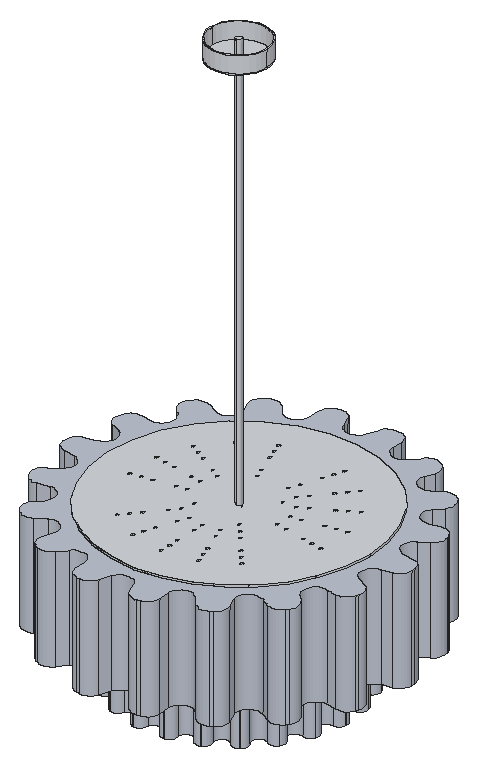
Revit family "ACU-Medium Opera Chandelier", category Lighting Fixtures, host Ceiling, Revit 2021 (continued)
Automatic sketch dimensions
  Extrusion 1 sketch curve to Extrusion 1 sketch curve = 9.482 mm
  Extrusion 1 sketch curve to Extrusion 1 sketch curve = 8.219 mm
  Extrusion 1 sketch curve to Extrusion 1 sketch curve = 6.933 mm
  Extrusion 1 sketch curve to Extrusion 1 sketch curve = 5.373 mm
  Extrusion 1 sketch curve to Extrusion 1 sketch curve = 3.869 mm
  Extrusion 1 sketch curve to Extrusion 1 sketch curve = 2.129 mm
  Extrusion 2 sketch curve to Extrusion 2 sketch curve = 0 mm  (x2)
  plane 1 "Light Source Axis (F/B)" to Extrusion 2 sketch curve = 12.574 mm
  plane 3 "Light Source Axis (L/R)" to Extrusion 2 sketch curve = 199.155 mm
  plane 1 "Light Source Axis (F/B)" to Extrusion 2 sketch curve = 13.547 mm
  Extrusion 2 sketch curve to Extrusion 2 sketch curve = 0.062 mm
  Extrusion 2 sketch curve to plane 1 "Light Source Axis (F/B)" = 40.655 mm
  Extrusion 2 sketch curve to Extrusion 2 sketch curve = 3.801 mm
  Extrusion 2 sketch curve to plane 1 "Light Source Axis (F/B)" = 41.609 mm
  Extrusion 2 sketch curve to Extrusion 2 sketch curve = 0.202 mm
  plane 1 "Light Source Axis (F/B)" to Extrusion 2 sketch curve = 65.827 mm
  Extrusion 2 sketch curve to Extrusion 2 sketch curve = 10.701 mm
  plane 1 "Light Source Axis (F/B)" to Extrusion 2 sketch curve = 66.747 mm
  Extrusion 2 sketch curve to Extrusion 2 sketch curve = 0.322 mm
  Extrusion 2 sketch curve to Extrusion 2 sketch curve = 12.463 mm
  Extrusion 2 sketch curve to Extrusion 2 sketch curve = 0.07 mm
  Extrusion 2 sketch curve to Extrusion 2 sketch curve = 0.123 mm
  Extrusion 2 sketch curve to Extrusion 2 sketch curve = 3.351 mm
  Extrusion 2 sketch curve to Extrusion 2 sketch curve = 12.237 mm
  Extrusion 2 sketch curve to Extrusion 2 sketch curve = 0.225 mm
  Extrusion 2 sketch curve to plane 1 "Light Source Axis (F/B)" = 91.838 mm
  Extrusion 2 sketch curve to Extrusion 2 sketch curve = 5.762 mm
  Extrusion 2 sketch curve to Extrusion 2 sketch curve = 0.452 mm
  Extrusion 2 sketch curve to Extrusion 2 sketch curve = 11.743 mm
  Extrusion 2 sketch curve to Extrusion 2 sketch curve = 0.36 mm
  Extrusion 2 sketch curve to Extrusion 2 sketch curve = 6.858 mm
  Extrusion 2 sketch curve to Extrusion 2 sketch curve = 9.906 mm
  Extrusion 2 sketch curve to Extrusion 2 sketch curve = 11.095 mm
  Extrusion 2 sketch curve to Extrusion 2 sketch curve = 0.503 mm  (x2)
  Extrusion 2 sketch curve to Extrusion 2 sketch curve = 2.723 mm
  Extrusion 2 sketch curve to Extrusion 2 sketch curve = 0.559 mm
  Extrusion 2 sketch curve to Extrusion 2 sketch curve = 10.151 mm
  Extrusion 2 sketch curve to Extrusion 2 sketch curve = 0.624 mm
  Extrusion 2 sketch curve to Extrusion 2 sketch curve = 13.085 mm
  Extrusion 2 sketch curve to Extrusion 2 sketch curve = 6.674 mm
  Extrusion 2 sketch curve to Extrusion 2 sketch curve = 0.669 mm
  Extrusion 2 sketch curve to Extrusion 2 sketch curve = 15.725 mm
  Extrusion 2 sketch curve to Extrusion 2 sketch curve = 9.131 mm
  Extrusion 2 sketch curve to Extrusion 2 sketch curve = 0.745 mm
  Extrusion 2 sketch curve to Extrusion 2 sketch curve = 10.365 mm
  Extrusion 2 sketch curve to Extrusion 2 sketch curve = 0.754 mm
  Extrusion 2 sketch curve to Extrusion 2 sketch curve = 7.807 mm
  Extrusion 2 sketch curve to Extrusion 2 sketch curve = 0.841 mm
  Extrusion 2 sketch curve to Extrusion 2 sketch curve = 18.341 mm
  Extrusion 2 sketch curve to Extrusion 2 sketch curve = 13.949 mm
  Extrusion 2 sketch curve to Extrusion 2 sketch curve = 0.835 mm
  Extrusion 2 sketch curve to Extrusion 2 sketch curve = 20.379 mm
  Extrusion 2 sketch curve to Extrusion 2 sketch curve = 6.489 mm
  Extrusion 2 sketch curve to Extrusion 2 sketch curve = 0.931 mm
  Extrusion 2 sketch curve to Extrusion 2 sketch curve = 17.239 mm
  Extrusion 2 sketch curve to Extrusion 2 sketch curve = 0.893 mm
  Extrusion 2 sketch curve to Extrusion 2 sketch curve = 4.884 mm
  Extrusion 2 sketch curve to Extrusion 2 sketch curve = 0.995 mm
  Extrusion 2 sketch curve to Extrusion 2 sketch curve = 22.236 mm
  Extrusion 2 sketch curve to Extrusion 2 sketch curve = 20.19 mm
  Extrusion 2 sketch curve to Extrusion 2 sketch curve = 0.94 mm
  Extrusion 2 sketch curve to Extrusion 2 sketch curve = 23.521 mm
  Extrusion 2 sketch curve to Extrusion 2 sketch curve = 3.366 mm
  Extrusion 2 sketch curve to Extrusion 2 sketch curve = 1.048 mm
  plane 3 "Light Source Axis (L/R)" to Extrusion 2 sketch curve = 28.294 mm
  Extrusion 2 sketch curve to Extrusion 2 sketch curve = 0.965 mm
  Extrusion 2 sketch curve to Extrusion 2 sketch curve = 1.598 mm
  Extrusion 2 sketch curve to Extrusion 2 sketch curve = 1.076 mm
  plane 3 "Light Source Axis (L/R)" to Extrusion 2 sketch curve = 24.867 mm
  plane 3 "Light Source Axis (L/R)" to Extrusion 2 sketch curve = 0.701 mm
  plane 3 "Light Source Axis (L/R)" to Extrusion 2 sketch curve = 0.049 mm
  Extrusion 2 sketch curve to plane 3 "Light Source Axis (L/R)" = 0.059 mm
  Extrusion 2 sketch curve to plane 3 "Light Source Axis (L/R)" = 0.066 mm
  Extrusion 2 sketch curve to Extrusion 2 sketch curve = 0.975 mm
  Extrusion 2 sketch curve to Extrusion 2 sketch curve = 1.087 mm
  Extrusion 2 sketch curve to plane 3 "Light Source Axis (L/R)" = 24.23 mm
  Extrusion 2 sketch curve to Extrusion 2 sketch curve = 1.077 mm
  Extrusion 2 sketch curve to Extrusion 2 sketch curve = 1.806 mm
  Extrusion 2 sketch curve to Extrusion 2 sketch curve = 24.914 mm
  Extrusion 2 sketch curve to Extrusion 2 sketch curve = 0.966 mm
  Extrusion 2 sketch curve to Extrusion 2 sketch curve = 24.468 mm
  Extrusion 2 sketch curve to Extrusion 2 sketch curve = 24.448 mm
  Extrusion 2 sketch curve to Extrusion 2 sketch curve = 1.046 mm
  Extrusion 2 sketch curve to Extrusion 2 sketch curve = 3.379 mm
  Extrusion 2 sketch curve to Extrusion 2 sketch curve = 0.938 mm
  Extrusion 2 sketch curve to Extrusion 2 sketch curve = 23.579 mm
  Extrusion 2 sketch curve to Extrusion 2 sketch curve = 0.998 mm
  Extrusion 2 sketch curve to Extrusion 2 sketch curve = 23.497 mm
  Extrusion 2 sketch curve to Extrusion 2 sketch curve = 5.076 mm
  Extrusion 2 sketch curve to Extrusion 2 sketch curve = 0.896 mm
  Extrusion 2 sketch curve to Extrusion 2 sketch curve = 22.203 mm
  Extrusion 2 sketch curve to Extrusion 2 sketch curve = 22.156 mm
  Extrusion 2 sketch curve to Extrusion 2 sketch curve = 0.927 mm
  Extrusion 2 sketch curve to Extrusion 2 sketch curve = 6.501 mm
  Extrusion 2 sketch curve to Extrusion 2 sketch curve = 0.831 mm
  Extrusion 2 sketch curve to Extrusion 2 sketch curve = 20.479 mm
  Extrusion 2 sketch curve to Extrusion 2 sketch curve = 0.846 mm
  Extrusion 2 sketch curve to Extrusion 2 sketch curve = 20.337 mm
  Extrusion 2 sketch curve to Extrusion 2 sketch curve = 7.97 mm
  Extrusion 2 sketch curve to Extrusion 2 sketch curve = 0.759 mm
  Extrusion 2 sketch curve to Extrusion 2 sketch curve = 18.291 mm
  Extrusion 2 sketch curve to Extrusion 2 sketch curve = 18.222 mm
  Extrusion 2 sketch curve to Extrusion 2 sketch curve = 0.739 mm
  Extrusion 2 sketch curve to Extrusion 2 sketch curve = 9.14 mm
  Extrusion 2 sketch curve to Extrusion 2 sketch curve = 0.662 mm
  Extrusion 2 sketch curve to Extrusion 2 sketch curve = 15.86 mm
  Extrusion 2 sketch curve to Extrusion 2 sketch curve = 0.63 mm
  Extrusion 2 sketch curve to Extrusion 2 sketch curve = 15.669 mm
  Extrusion 2 sketch curve to Extrusion 2 sketch curve = 10.272 mm
  plane 1 "Light Source Axis (F/B)" to Extrusion 2 sketch curve = 115.19 mm
  Extrusion 2 sketch curve to Extrusion 2 sketch curve = 0.566 mm
  Extrusion 2 sketch curve to Extrusion 2 sketch curve = 13.023 mm
  Extrusion 2 sketch curve to Extrusion 2 sketch curve = 12.936 mm
  Extrusion 2 sketch curve to Extrusion 2 sketch curve = 0.497 mm
  Extrusion 2 sketch curve to Extrusion 2 sketch curve = 10.065 mm
  Extrusion 2 sketch curve to Extrusion 2 sketch curve = 0.368 mm
  Extrusion 2 sketch curve to Extrusion 2 sketch curve = 9.839 mm
  Extrusion 2 sketch curve to plane 1 "Light Source Axis (F/B)" = 91.633 mm
  Extrusion 2 sketch curve to Extrusion 2 sketch curve = 11.102 mm
  Extrusion 2 sketch curve to Extrusion 2 sketch curve = 0.445 mm
  Extrusion 2 sketch curve to Extrusion 2 sketch curve = 6.788 mm
  Extrusion 2 sketch curve to Extrusion 2 sketch curve = 6.691 mm
  Extrusion 2 sketch curve to Extrusion 2 sketch curve = 0.217 mm
  plane 1 "Light Source Axis (F/B)" to Extrusion 2 sketch curve = 14.001 mm
  Extrusion 2 sketch curve to Extrusion 2 sketch curve = 3.524 mm
  Extrusion 2 sketch curve to Extrusion 2 sketch curve = 0.078 mm
  Extrusion 2 sketch curve to plane 1 "Light Source Axis (F/B)" = 12.064 mm
  Extrusion 2 sketch curve to Extrusion 2 sketch curve = 3.279 mm
  plane 1 "Light Source Axis (F/B)" to Extrusion 2 sketch curve = 67.882 mm
  Extrusion 2 sketch curve to Extrusion 2 sketch curve = 11.813 mm
  plane 1 "Light Source Axis (F/B)" to Extrusion 2 sketch curve = 66.965 mm
  Extrusion 2 sketch curve to Extrusion 2 sketch curve = 0.33 mm
  Extrusion 2 sketch curve to plane 1 "Light Source Axis (F/B)" = 40.429 mm
  Extrusion 2 sketch curve to Extrusion 2 sketch curve = 12.24 mm
  Extrusion 2 sketch curve to plane 1 "Light Source Axis (F/B)" = 39.474 mm
  Extrusion 2 sketch curve to Extrusion 2 sketch curve = 0.194 mm
  plane 1 "Light Source Axis (F/B)" to Extrusion 2 sketch curve = 14.749 mm
  Extrusion 2 sketch curve to Extrusion 2 sketch curve = 12.478 mm
  plane 1 "Light Source Axis (F/B)" to Extrusion 2 sketch curve = 13.777 mm
  Extrusion 2 sketch curve to Extrusion 2 sketch curve = 0.071 mm
  Extrusion 2 sketch curve to Extrusion 2 sketch curve = 0.864 mm
  Extrusion 2 sketch curve to Extrusion 2 sketch curve = 15.626 mm
  Extrusion 2 sketch curve to Extrusion 2 sketch curve = 15.622 mm
  Extrusion 2 sketch curve to Extrusion 2 sketch curve = 19.455 mm
  Extrusion 2 sketch curve to Extrusion 2 sketch curve = 0.797 mm
  Extrusion 2 sketch curve to Extrusion 2 sketch curve = 19.346 mm
  Extrusion 2 sketch curve to Extrusion 2 sketch curve = 0.792 mm
  Extrusion 2 sketch curve to Extrusion 2 sketch curve = 8.608 mm
  Extrusion 2 sketch curve to Extrusion 2 sketch curve = 0.715 mm
  Extrusion 2 sketch curve to Extrusion 2 sketch curve = 8.537 mm
  Extrusion 2 sketch curve to Extrusion 2 sketch curve = 0.71 mm
  Extrusion 2 sketch curve to Extrusion 2 sketch curve = 17.088 mm
  Extrusion 2 sketch curve to Extrusion 2 sketch curve = 16.96 mm
  Extrusion 2 sketch curve to Extrusion 2 sketch curve = 14.506 mm
  Extrusion 2 sketch curve to Extrusion 2 sketch curve = 0.568 mm
  Extrusion 2 sketch curve to Extrusion 2 sketch curve = 14.364 mm
  Extrusion 2 sketch curve to Extrusion 2 sketch curve = 0.562 mm
  Extrusion 2 sketch curve to Extrusion 2 sketch curve = 10.734 mm
  Extrusion 2 sketch curve to Extrusion 2 sketch curve = 0.51 mm
  Extrusion 2 sketch curve to Extrusion 2 sketch curve = 10.684 mm
  Extrusion 2 sketch curve to Extrusion 2 sketch curve = 11.538 mm
  Extrusion 2 sketch curve to Extrusion 2 sketch curve = 11.383 mm
  Extrusion 2 sketch curve to Extrusion 2 sketch curve = 8.482 mm
  Extrusion 2 sketch curve to Extrusion 2 sketch curve = 0.297 mm
  Extrusion 2 sketch curve to Extrusion 2 sketch curve = 8.318 mm
  Extrusion 2 sketch curve to Extrusion 2 sketch curve = 0.29 mm
  Extrusion 2 sketch curve to Extrusion 2 sketch curve = 5.132 mm
  Extrusion 2 sketch curve to Extrusion 2 sketch curve = 4.962 mm
  Extrusion 2 sketch curve to Extrusion 2 sketch curve = 1.828 mm
  Extrusion 2 sketch curve to Extrusion 2 sketch curve = 0.004 mm  (x2)
  Extrusion 2 sketch curve to Extrusion 2 sketch curve = 12.064 mm
  Extrusion 2 sketch curve to Extrusion 2 sketch curve = 0.267 mm
  Extrusion 2 sketch curve to Extrusion 2 sketch curve = 12.038 mm
  Extrusion 2 sketch curve to Extrusion 2 sketch curve = 0.259 mm
  Extrusion 2 sketch curve to Extrusion 2 sketch curve = 12.5 mm
  Extrusion 2 sketch curve to Extrusion 2 sketch curve = 0.868 mm
  Extrusion 2 sketch curve to Extrusion 2 sketch curve = 5.658 mm
  Extrusion 2 sketch curve to Extrusion 2 sketch curve = 0.963 mm
  Extrusion 2 sketch curve to Extrusion 2 sketch curve = 5.744 mm
  Extrusion 2 sketch curve to Extrusion 2 sketch curve = 0.967 mm
  Extrusion 2 sketch curve to Extrusion 2 sketch curve = 22.892 mm
  Extrusion 2 sketch curve to Extrusion 2 sketch curve = 22.961 mm
  Extrusion 2 sketch curve to Extrusion 2 sketch curve = 2.441 mm
  Extrusion 2 sketch curve to Extrusion 2 sketch curve = 1.063 mm
  Extrusion 2 sketch curve to Extrusion 2 sketch curve = 2.536 mm
  Extrusion 2 sketch curve to Extrusion 2 sketch curve = 1.065 mm
  Extrusion 2 sketch curve to plane 1 "Light Source Axis (F/B)" = 13.364 mm
  plane 1 "Light Source Axis (F/B)" to Extrusion 2 sketch curve = 0.048 mm
  plane 1 "Light Source Axis (F/B)" to Extrusion 2 sketch curve = 11.616 mm
  Extrusion 2 sketch curve to Extrusion 2 sketch curve = 1.085 mm
  Extrusion 2 sketch curve to Extrusion 2 sketch curve = 1.084 mm
  Extrusion 2 sketch curve to Extrusion 2 sketch curve = 24.755 mm
  Extrusion 2 sketch curve to Extrusion 2 sketch curve = 24.731 mm
  Extrusion 2 sketch curve to Extrusion 2 sketch curve = 4.285 mm
  Extrusion 2 sketch curve to Extrusion 2 sketch curve = 1.025 mm
  Extrusion 2 sketch curve to Extrusion 2 sketch curve = 4.193 mm
  Extrusion 2 sketch curve to Extrusion 2 sketch curve = 1.023 mm
  Extrusion 2 sketch curve to Extrusion 2 sketch curve = 22.933 mm
  Extrusion 2 sketch curve to Extrusion 2 sketch curve = 22.863 mm
  Extrusion 2 sketch curve to Extrusion 2 sketch curve = 21.408 mm
  Extrusion 2 sketch curve to Extrusion 2 sketch curve = 0.89 mm
  Extrusion 2 sketch curve to Extrusion 2 sketch curve = 7.214 mm
  Extrusion 2 sketch curve to Extrusion 2 sketch curve = 0.886 mm
  Extrusion 2 sketch curve to Extrusion 2 sketch curve = 7.294 mm
  Extrusion 2 sketch curve to Extrusion 2 sketch curve = 0.799 mm
  Extrusion 2 sketch curve to Extrusion 2 sketch curve = 0.794 mm
  Extrusion 2 sketch curve to Extrusion 2 sketch curve = 19.41 mm
  Extrusion 2 sketch curve to Extrusion 2 sketch curve = 19.3 mm
  Extrusion 2 sketch curve to Extrusion 2 sketch curve = 17.14 mm
  Extrusion 2 sketch curve to Extrusion 2 sketch curve = 0.689 mm
  Extrusion 2 sketch curve to Extrusion 2 sketch curve = 17.013 mm
  Extrusion 2 sketch curve to Extrusion 2 sketch curve = 0.683 mm
  Extrusion 2 sketch curve to Extrusion 2 sketch curve = 9.762 mm
  Extrusion 2 sketch curve to Extrusion 2 sketch curve = 0.619 mm
  Extrusion 2 sketch curve to Extrusion 2 sketch curve = 9.701 mm
  Extrusion 2 sketch curve to Extrusion 2 sketch curve = 0.612 mm
  Extrusion 2 sketch curve to Extrusion 2 sketch curve = 14.447 mm
  Extrusion 2 sketch curve to Extrusion 2 sketch curve = 14.305 mm
  Extrusion 2 sketch curve to Extrusion 2 sketch curve = 11.602 mm
  Extrusion 2 sketch curve to Extrusion 2 sketch curve = 0.436 mm
  Extrusion 2 sketch curve to Extrusion 2 sketch curve = 11.448 mm
  Extrusion 2 sketch curve to Extrusion 2 sketch curve = 0.43 mm
  Extrusion 2 sketch curve to Extrusion 2 sketch curve = 8.413 mm
  Extrusion 2 sketch curve to Extrusion 2 sketch curve = 8.249 mm
  Extrusion 2 sketch curve to Extrusion 2 sketch curve = 11.506 mm
  Extrusion 2 sketch curve to Extrusion 2 sketch curve = 0.392 mm
  Extrusion 2 sketch curve to Extrusion 2 sketch curve = 11.468 mm
  Extrusion 2 sketch curve to Extrusion 2 sketch curve = 0.385 mm
  Extrusion 2 sketch curve to Extrusion 2 sketch curve = 5.203 mm
  Extrusion 2 sketch curve to Extrusion 2 sketch curve = 0.152 mm
  Extrusion 2 sketch curve to Extrusion 2 sketch curve = 5.033 mm
  Extrusion 2 sketch curve to Extrusion 2 sketch curve = 0.144 mm
  Extrusion 2 sketch curve to Extrusion 2 sketch curve = 1.582 mm
  Extrusion 2 sketch curve to Extrusion 2 sketch curve = 12.397 mm
  Extrusion 2 sketch curve to Extrusion 2 sketch curve = 0.137 mm
  Extrusion 2 sketch curve to Extrusion 2 sketch curve = 12.385 mm
  Extrusion 2 sketch curve to Extrusion 2 sketch curve = 0.129 mm
  Extrusion 2 sketch curve to plane 1 "Light Source Axis (F/B)" = 0.871 mm
  Extrusion 2 sketch curve to Extrusion 2 sketch curve = 1.186 mm
  Extrusion 2 sketch curve to Extrusion 2 sketch curve = 2.954 mm
  Extrusion 2 sketch curve to Extrusion 2 sketch curve = 4.5 mm
  Extrusion 2 sketch curve to Extrusion 2 sketch curve = 6.122 mm
  Extrusion 2 sketch curve to Extrusion 2 sketch curve = 7.479 mm
  Extrusion 2 sketch curve to Extrusion 2 sketch curve = 51.087 mm
  Extrusion 2 sketch curve to Extrusion 2 sketch curve = 8.835 mm
  Extrusion 2 sketch curve to Extrusion 2 sketch curve = 9.904 mm
  Extrusion 2 sketch curve to Extrusion 2 sketch curve = 10.893 mm
  Extrusion 2 sketch curve to Extrusion 2 sketch curve = 11.594 mm
  Extrusion 2 sketch curve to Extrusion 2 sketch curve = 12.143 mm
  Extrusion 2 sketch curve to Extrusion 2 sketch curve = 12.425 mm
  Extrusion 2 sketch curve to Extrusion 2 sketch curve = 12.493 mm
  Extrusion 2 sketch curve to Extrusion 2 sketch curve = 12.334 mm
  Extrusion 2 sketch curve to Extrusion 2 sketch curve = 11.916 mm
  Extrusion 2 sketch curve to Extrusion 2 sketch curve = 11.328 mm
  Extrusion 2 sketch curve to Extrusion 2 sketch curve = 10.455 mm
  Extrusion 2 sketch curve to Extrusion 2 sketch curve = 9.482 mm
  Extrusion 2 sketch curve to Extrusion 2 sketch curve = 8.219 mm
  Extrusion 2 sketch curve to Extrusion 2 sketch curve = 6.933 mm
  Extrusion 2 sketch curve to Extrusion 2 sketch curve = 5.373 mm
  Extrusion 2 sketch curve to Extrusion 2 sketch curve = 3.869 mm
  Extrusion 2 sketch curve to Extrusion 2 sketch curve = 2.129 mm
  Extrusion 3 sketch curve to Extrusion 3 sketch curve = 0 mm  (x161)
  plane 1 "Light Source Axis (F/B)" to Extrusion 3 sketch curve = 0 mm
  Extrusion 3 sketch curve to plane 3 "Light Source Axis (L/R)" = 0 mm  (x6)
  plane 3 "Light Source Axis (L/R)" to Extrusion 3 sketch curve = 27.362 mm  (x2)
  Extrusion 3 sketch curve to Extrusion 3 sketch curve = 6.156 mm  (x12)
  Extrusion 3 sketch curve to Extrusion 3 sketch curve = 11.479 mm
  Extrusion 3 sketch curve to Extrusion 3 sketch curve = 12.313 mm  (x4)
  Extrusion 3 sketch curve to Extrusion 3 sketch curve = 18.98 mm
  Extrusion 3 sketch curve to Extrusion 3 sketch curve = 12.583 mm
  Extrusion 3 sketch curve to Extrusion 3 sketch curve = 5.082 mm
  Extrusion 3 sketch curve to Extrusion 3 sketch curve = 11.57 mm  (x12)
  Extrusion 3 sketch curve to Extrusion 3 sketch curve = 22.941 mm
  plane 1 "Light Source Axis (F/B)" to Extrusion 3 sketch curve = 13.892 mm  (x2)
  Extrusion 3 sketch curve to Extrusion 3 sketch curve = 39.944 mm
  Extrusion 3 sketch curve to plane 1 "Light Source Axis (F/B)" = 13.892 mm  (x2)
  Extrusion 3 sketch curve to Extrusion 3 sketch curve = 9.503 mm
  Extrusion 3 sketch curve to Extrusion 3 sketch curve = 15.588 mm  (x6)
  Extrusion 3 sketch curve to Extrusion 3 sketch curve = 23.14 mm  (x4)
  Extrusion 3 sketch curve to Extrusion 3 sketch curve = 17.727 mm  (x12)
  Extrusion 3 sketch curve to Extrusion 3 sketch curve = 31.177 mm  (x2)
  Extrusion 3 sketch curve to Extrusion 3 sketch curve = 35.453 mm  (x4)
  Extrusion 3 sketch curve to plane 3 "Light Source Axis (L/R)" = 27.362 mm  (x2)
  Extrusion 3 sketch curve to Extrusion 3 sketch curve = 11.529 mm
  Extrusion 3 sketch curve to Extrusion 3 sketch curve = 19.039 mm
  Extrusion 3 sketch curve to Extrusion 3 sketch curve = 5.023 mm
  Extrusion 3 sketch curve to Extrusion 3 sketch curve = 12.533 mm
  Extrusion 3 sketch curve to Extrusion 3 sketch curve = 17.859 mm
  Extrusion 3 sketch curve to Extrusion 3 sketch curve = 32.384 mm
  Extrusion 3 sketch curve to Extrusion 3 sketch curve = 3.126 mm  (x12)
  Extrusion 3 sketch curve to plane 1 "Light Source Axis (F/B)" = 23.269 mm  (x2)
  Extrusion 3 sketch curve to plane 1 "Light Source Axis (F/B)" = 38.579 mm
  Extrusion 3 sketch curve to Extrusion 3 sketch curve = 1.421 mm
  Extrusion 3 sketch curve to Extrusion 3 sketch curve = 26.108 mm
  Extrusion 3 sketch curve to Extrusion 3 sketch curve = 6.035 mm
  Extrusion 3 sketch curve to Extrusion 3 sketch curve = 9 mm  (x6)
  Extrusion 3 sketch curve to Extrusion 3 sketch curve = 22.705 mm
  Extrusion 3 sketch curve to Extrusion 3 sketch curve = 15.249 mm
  Extrusion 3 sketch curve to Extrusion 3 sketch curve = 18 mm  (x5)
  Extrusion 3 sketch curve to Extrusion 3 sketch curve = 13.789 mm  (x12)
  Extrusion 3 sketch curve to Extrusion 3 sketch curve = 13.892 mm  (x4)
  Extrusion 3 sketch curve to Extrusion 3 sketch curve = 16.914 mm  (x12)
  Extrusion 3 sketch curve to Extrusion 3 sketch curve = 27.578 mm  (x4)
  Extrusion 3 sketch curve to Extrusion 3 sketch curve = 33.829 mm  (x4)
  plane 1 "Light Source Axis (F/B)" to Extrusion 3 sketch curve = 23.269 mm  (x2)
  plane 1 "Light Source Axis (F/B)" to Extrusion 3 sketch curve = 39.201 mm
  plane 1 "Light Source Axis (F/B)" to Extrusion 3 sketch curve = 46.608 mm
  Extrusion 3 sketch curve to Extrusion 3 sketch curve = 14.676 mm
  Extrusion 3 sketch curve to Extrusion 3 sketch curve = 22.083 mm
  Extrusion 3 sketch curve to Extrusion 3 sketch curve = 4.825 mm
  Extrusion 3 sketch curve to Extrusion 3 sketch curve = 36 mm
  Extrusion 3 sketch curve to Extrusion 3 sketch curve = 2 mm  (x34)
  Extrusion 3 sketch curve to Extrusion 3 sketch curve = 2.5 mm  (x45)
  Extrusion 3 sketch curve to Extrusion 3 sketch curve = 60.083 mm
  Extrusion 5 sketch curve to Extrusion 5 sketch curve = 0 mm  (x12)
  plane 1 "Light Source Axis (F/B)" to Extrusion 5 sketch curve = 0 mm
  Extrusion 5 sketch curve to plane 3 "Light Source Axis (L/R)" = 0 mm
  plane 3 "Light Source Axis (L/R)" to Extrusion 5 sketch curve = 48 mm
  Extrusion 5 sketch curve to Extrusion 5 sketch curve = 2 mm
  Extrusion 6 sketch curve to Extrusion 6 sketch curve = 0 mm  (x2)
  plane 1 "Light Source Axis (F/B)" to Extrusion 6 sketch curve = 0 mm
  Extrusion 6 sketch curve to plane 3 "Light Source Axis (L/R)" = 0 mm
  plane 3 "Light Source Axis (L/R)" to Extrusion 6 sketch curve = 50 mm
  Extrusion 4 sketch curve to Extrusion 4 sketch curve = 0 mm  (x2)
  plane 3 "Light Source Axis (L/R)" to Extrusion 4 sketch curve = 0.049 mm
  plane 1 "Light Source Axis (F/B)" to Extrusion 4 sketch curve = 0.048 mm
  Extrusion 4 sketch curve to Extrusion 4 sketch curve = 135 mm
  plane 1 "Light Source Axis (F/B)" to Extrusion 7 sketch curve = 0 mm
  Extrusion 7 sketch curve to plane 3 "Light Source Axis (L/R)" = 0 mm
  plane 1 "Light Source Axis (F/B)" to Extrusion 8 sketch curve = 0 mm
  Extrusion 8 sketch curve to plane 3 "Light Source Axis (L/R)" = 0 mm
  radius of Extrusion 7 sketch curve = 5 mm
  radius of Extrusion 8 sketch curve = 9 mm
